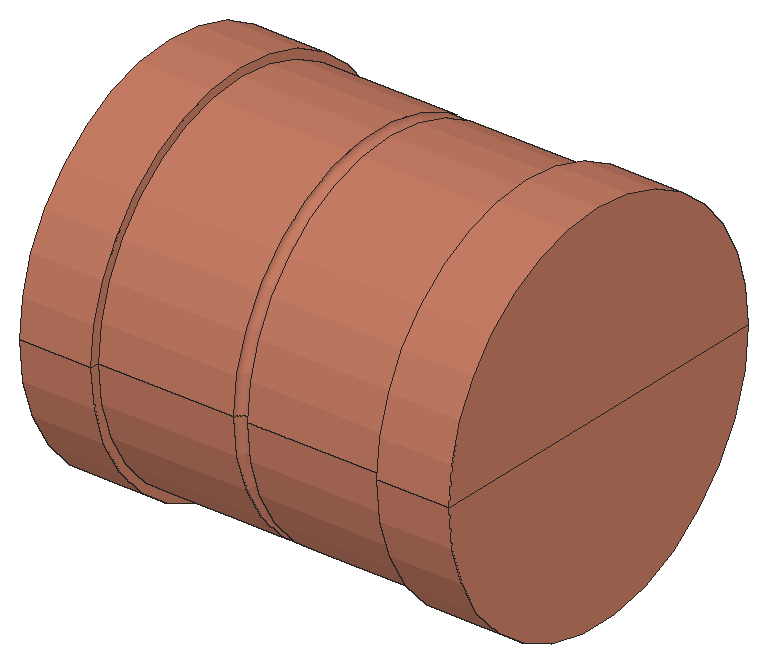
Revit family "StraightConnector-B-PressXL-Water-Gas-Conex-65-100mm", category Pipe Fittings, Revit 2019
Family settings
  Round Connector Dimension = Use Diameter
  Part Type = Union
  OmniClass Number = 23.60.30.11.14
  OmniClass Title = Pipework Fittings
  Work Plane-Based = No
  Always vertical = Yes
  Cut with Voids When Loaded = No
  Shared = No
Parameters (values of type "Gas")
  Z [instance] = size_lookup(Lookup Table Name, "Z", L / 20, NominalDiameter)  # 4.00 mm
  WorkingFluidSelector = 1
  WorkingFluid [instance] = if(WorkingFluidSelector = 1, "Gas", if(WorkingFluidSelector = 2, "Water", "WorkingFluid NA"))  # "Gas"
  Uniformat IIElements = "TBC"
  URL = "http://www.conexbanninger.com.au/products/b-press-fittings#t=b-press-xl"
  Type Comments = "TBC"
  SerialNumber [instance] = ""
  SealRingLength [instance] = L / 6  # 21.00 mm
  RingRadius [instance] = Z / 2  # 2.00 mm
  ProductCode [instance] = if(and(NominalDiameter = 65.00 mm, WorkingFluidSelector = 1), "404867", if(and(NominalDiameter = 80.00 mm, WorkingFluidSelector = 1), "404868", if(and(NominalDiameter = 100.00 mm, WorkingFluidSelector = 1), "404869", if(and(NominalDiameter = 65.00 mm, WorkingFluidSelector = 2), "404793", if(and(NominalDiameter = 80.00 mm, WorkingFluidSelector = 2), "404794", if(and(NominalDiameter = 100.00 mm, WorkingFluidSelector = 2), "404795", "ProductCode NA"))))))  # "404869"
  OmniclassProducts = "TBC"
  NominalDiameter [instance] = 100.00 mm
  NATSPECWorkSection = "TBC"
  ModifiedIssue_ANZRS = 20161220.54  # constant formula
  Model Version = "2015"
  Model Status [instance] = ""
  Model Specification = "BMA"
  Model = "Straight Connector"  # constant formula
  Material = Copper
  Mark [instance] = ""
  Manufacturer = "Conex | Bänninger"  # constant formula
  Loss Method = Not Defined
  Lookup Table Name = "StraightConnector-B-PressXL-Water-Gas-Conex-65-100mm"
  L [instance] = size_lookup(Lookup Table Name, "L", NominalDiameter * 1.5, NominalDiameter)  # 126.00 mm
  K Coefficient Table = "Reducer/Coupling/Union/Increaser"
  built-in parameter 1114238 [instance] = not(0.00 mm < size_lookup(Lookup Table Name, "L", 0.00 mm, NominalDiameter))  # (empty or 0)
  FittingOutsideDiameter [instance] = NominalDiameter * 1.1  # 110.00 mm
  FinalHHWFlow [instance] = 0.0 L/s
  Description = ">B< Press XL has only two internal parts, the grip ring and the seal. Both parts have an internal diameter larger than the tube, which allows for easy tube insertion and pre press leak indication."  # constant formula
  CustomFitting [instance] = not(0.00 mm < size_lookup(Lookup Table Name, "L", 0.00 mm, NominalDiameter))  # no
  CreatedBy_ANZRS = "A2K Technologies"  # constant formula
  CreatedByURL_ANZRS = "http://www.bimmepaus.com.au/"
  Assembly Code = "D2090800"
Types (2, lengths in mm): name | WorkingFluidSelector | WorkingFluid | ProductCode
  Gas | 1 | "Gas" | "404869"
  Water | 2 | "Water" | "404795"
Reference planes
  plane 1 "Center (Front/Back)": y = 0
  plane 2: z = 0
  plane 3 "Center (Left/Right)": x = 0
  plane 4 "Right": x = 63
  plane 5 "Left": x = -63
  plane 6: y = 55
  plane 7: y = -55
  plane 8: x = -42
  plane 9: x = 42
  plane 10: y = 50
  plane 11: y = -50
  plane 12: y = 52.5
  plane 13: x = -2
  plane 14: x = 2
Forms (mm)
  Revolve 1, solid, material "Copper" <- "Material", detail levels fine
    sketch origin (0, 0, 0) x (1, 0, 0) y (0, 1, 0)
      loop
        line (-63, 55) -> (-63, 0) -> (63, 0) -> (63, 55) -> (42, 55) -> (42, 52.5) -> (2, 52.5)
        arc (2, 52.5) -> (0, 50.5) -> (-2, 52.5) r 2
        line (-2, 52.5) -> (-42, 52.5) -> (-42, 55) -> (-63, 55)
      axis (-63, 0) -> (63, 0)
    angle from 0 to 360
Lines and regions (mm)
  model lines, detail levels coarse+medium
    curve 1: line (-2, 0, 0) -> (2, 0, 0)
    curve 2: line (-63, 50, 0) -> (-2, 50, 0)
    curve 3: line (-2, -50, 0) -> (-63, -50, 0)
    curve 4: line (-2, 50, 0) -> (-2, -50, 0)
    curve 5: line (2, 50, 0) -> (63, 50, 0)
    curve 6: line (2, -50, 0) -> (2, 50, 0)
    curve 7: line (63, -50, 0) -> (2, -50, 0)
Dimensions and locks
  "L": plane 5 "Left" to plane 4 "Right"
  equal spacing: plane 5 "Left", plane 3 "Center (Left/Right)", plane 4 "Right"
  equal spacing: plane 6, plane 1 "Center (Front/Back)", plane 7
  "FittingOutsideDiameter": plane 6 to plane 7
  "SealRingLength": plane 9 to plane 4 "Right"
  "SealRingLength": plane 5 "Left" to plane 8
  equal spacing: plane 10, plane 1 "Center (Front/Back)", plane 11
  "NominalDiameter": plane 10 to plane 11
  equal spacing: plane 6, plane 12, plane 10
  equal spacing: plane 13, plane 3 "Center (Left/Right)", plane 14
  "Z": plane 13 to plane 14
  locked: connector elem to plane 2 at 0
  locked: connector elem to plane 1 "Center (Front/Back)"  (x2)
  locked: connector elem to plane 2
  "RingRadius": radius of Revolve 1 sketch curve
  aligned and locked: plane 2 to level
  aligned and locked: Revolve 1 sketch curve to plane 1 "Center (Front/Back)"
  aligned and locked: Revolve 1 sketch curve to plane 8
  aligned and locked: Revolve 1 sketch curve to plane 6  (x2)
  aligned and locked: Revolve 1 sketch curve to plane 5 "Left"
  aligned and locked: plane 1 "Center (Front/Back)" to Revolve 1 sketch curve
  aligned and locked: plane 9 to Revolve 1 sketch curve
  aligned and locked: Revolve 1 sketch curve to plane 4 "Right"
  aligned and locked: Revolve 1 sketch curve to plane 12
  aligned and locked: plane 3 "Center (Left/Right)" to Revolve 1 sketch curve
  aligned and locked: plane 1 "Center (Front/Back)" to curve 1
  aligned and locked: curve 2 to plane 10
  aligned and locked: plane 11 to curve 3
  aligned and locked: curve 4 to plane 13
  aligned and locked: plane 5 "Left" to curve 2
  aligned and locked: plane 5 "Left" to curve 3
  aligned and locked: curve 5 to plane 10
  aligned and locked: curve 6 to plane 14
  aligned and locked: curve 7 to plane 11
  aligned and locked: plane 4 "Right" to curve 5
  aligned and locked: plane 4 "Right" to curve 7
Automatic sketch dimensions
  Revolve 1 sketch curve to Revolve 1 sketch curve = 40.00 mm
  Revolve 1 sketch curve to Revolve 1 sketch curve = 50.00 mm
Connectors
  piping at (-2, 0, 0), diameter 100, driven by "NominalDiameter"
    settings: on plane 13, index 1, connector inside diameter 609.6 mm, connector length 0.00 mm, flow factor 0, pipe flow 0.0 L/s, pressure drop 0.0 Pa, fitting loss kfactor 0, connector angle 0.00°, fixture units 0, engagement length 0.00 mm, angle of deflection 0.00°, flow configuration 0, flow direction 0, fitting loss method 0, system type 28, joint type 0, gender type 0, connector reference index 2, connector utility 0, adjustable connector no, is connector primary yes, connector description ""
  piping at (2, 0, 0), diameter 100, driven by "NominalDiameter"
    settings: on plane 14, index 2, connector inside diameter 609.6 mm, connector length 0.00 mm, flow factor 0, pipe flow 0.0 L/s, pressure drop 0.0 Pa, fitting loss kfactor 0, connector angle 0.00°, fixture units 0, engagement length 0.00 mm, angle of deflection 0.00°, flow configuration 0, flow direction 0, fitting loss method 0, system type 28, joint type 0, gender type 0, connector reference index 1, connector utility 0, adjustable connector no, is connector primary no, connector description ""
